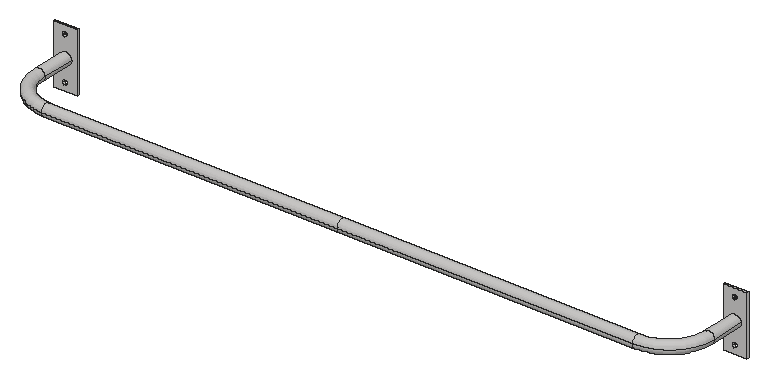
Revit family "Landscaping_Other_Axelent_Lock-Rail", category Furniture, Revit 2018
Family settings
  OmniClass Number = 23.40.10.14
  OmniClass Title = Exterior Specialties
  Work Plane-Based = No
  Always vertical = Yes
  Cut with Voids When Loaded = No
  Shared = No
  Room Calculation Point = No
Parameters (values of type "Bike-Up Lock rail")
  WarrantyStartDate [instance] = "n/a"
  WarrantyGuarantorParts = "n/a"
  WarrantyGuarantorLabor = "n/a"
  WarrantyDurationUnit = "Years"
  WarrantyDurationParts = "n/a"
  WarrantyDurationLabor = "n/a"
  WarrantyDescription = "n/a"
  VersionDate = "28/03/2022"  # constant formula
  Version = "1"  # constant formula
  Uniclass2015Reference = "Pr_40_30_21"
  Uniclass2015Description = "Cycle stands and lockers"
  Uniclass2 = "Pr_40_30_20"
  URL = "https://www.axelent.com/products/property/bike-racks/other-racks/bike-up-lock-rail/"
  Type Comments = ""
  TagNumber [instance] = "n/a"
  SustainabilityPerformance = "n/a"
  Style = "n/a"
  Size = "1760x150x204 mm"
  Shape = "Sculptured"
  SerialNumber [instance] = "n/a"
  Revision = "n/a"
  ReplacementCost = "n/a"
  ProductInformation = "With this wall mounted rail a stroller can be locked and safely stored in any place. The rail is hot-dip galvanized and an appreciated detail in storage spaces."
  ProductDatasheet = "https://www.axelent.com/media/ikdfkeqm/buggy_rail-sheet1.pdf"
  NominalLength = 1760 mm
  NominalHeight = 204.037 mm
  NominalDepth = 150 mm
  Name = "Lock-Rail"
  NBSReference = "45-35-86/311"
  NBSDescription = "Aluminium cycle lockers"
  ModelReference = "n/a"
  ModelNumber = "100200"
  Material = "Steel"
  ManufacturerURL = "https://www.axelent.com/home/"
  ManufacturerName = "Axelent"
  Model = "Bike-Up Lock rail"
  Manufacturer = "Axelent"
  MainColor = "Galvanized"
  InstallationDate [instance] = "n/a"
  IfcExportType = "BOLLARD"  # constant formula
  IfcExportAs = "IfcFurnishingElementType"  # constant formula
  Grade = "n/a"
  Finish = "n/a"
  Features = "n/a"
  ExpectedLife = "Years"
  DurationUnit = "n/a"
  Description = "With this wall mounted rail a stroller can be locked and safely stored in any place. The rail is hot-dip galvanized and an appreciated detail in storage spaces."
  CycleBollardMainMaterial = Steel, Galvanized
  Cost = 0
  Constituents = "n/a"
  Color = MainColor  # "Galvanized"
  CodePerformance = "n/a"
  Barcode [instance] = "n/a"
  AssetIdentifier [instance] = "n/a"
  Category = "Cycle lockers"
  Brand = "Axelent"
  BIMObjectName = "Landscaping_Other_Axelent_Lock-Rail"
  Author = "BIMstone"  # constant formula
  AssetType = "Fixed"
  AccessibilityPerformance = "n/a"
Reference planes
  plane 1 "Center (Front/Back)": y = 0
  plane 2: z = 0
  plane 3 "Center (Left/Right)": x = 0
  plane 4: x = -880
  plane 5: x = 880
  plane 6: y = -102.019
  plane 7: z = 150
  plane 8: y = 102.019
Dimensions and locks
  equal spacing: plane 4, plane 3 "Center (Left/Right)", plane 5
  "NominalLength": plane 4 to plane 5
  "NominalDepth": plane 7 to level
  equal spacing: plane 8, plane 1 "Center (Front/Back)", plane 6
  "NominalHeight": plane 6 to plane 8
  aligned and locked: level to plane 2
Nested families
  nested 1: "Lock Rail" at (0, 102.019, 75) x (-1, 0, 0) z (0, -1, 0), main material <- "CycleBollardMainMaterial", type "Lock Rail"
    with main material Steel, Galvanized
Definition of nested family "Lock Rail"
  Parameters (values of type "Lock Rail")
    main material [instance] = none
    Default Elevation = 1219.2 mm
  Reference planes
    plane 1 "Center (Front/Back)": y = 0
    plane 2: z = 0
    plane 3 "Center (Left/Right)": x = 0
    plane 4: x = -880
    plane 5: y = 75
    plane 6: y = -75
    plane 7: x = 880
    plane 8: z = 204.037
  Forms (mm)
    Extrusion 1, solid, material <- "main material", detail levels medium+fine
      sketch origin (0, 0, 0) x (1, 0, 0) y (0, 1, 0)
        loop
          line (-820, 75) -> (-880, 75) -> (-880, -75) -> (-820, -75) -> (-820, 75)
        loop
          circle (-850.034, 54.974) r 6.5
        loop
          circle (-850.034, -54.974) r 6.5
        loop
          line (820, 75) -> (820, -75) -> (880, -75) -> (880, 75) -> (820, 75)
        loop
          circle (850.034, 54.974) r 6.5
        loop
          circle (850.034, -54.974) r 6.5
      from 0 to 4
    Sweep 2, solid, material <- "main material", detail levels medium+fine
      path in 3D
        loop
          line (850, 0, 4) -> (850, 0, 89.037)
          arc (850, 0, 89.037) -> (820.711, 0, 159.748) -> (750, 0, 189.037) r 100
          line (750, 0, 189.037) -> (0, 0, 189.037) -> (-750, 0, 189.037)
          arc (-750, 0, 189.037) -> (-820.711, 0, 159.748) -> (-850, 0, 89.037) r 100
          line (-850, 0, 89.037) -> (-850, 0, 4)
      profile origin (-850, 0, 46.519) x (-1, 0, 0) y (0, -1, 0)
        loop
          circle (0, 0) r 15
    Extrusion 3, solid, material <- "main material", detail levels coarse
      sketch origin (0, 0, 0) x (0, 1, 0) y (0, 0, 1)
        loop
          line (-75, 204.037) -> (-75, 0) -> (75, 0) -> (75, 204.037) -> (-75, 204.037)
      from -880 to 880
  Lines and regions (mm)
    sketch lines
      curve 1: line (-850, 0, 89.037) -> (-850, 0, 4)
      curve 2: arc (-850, 0, 89.037) -> (-820.711, 0, 159.748) -> (-750, 0, 189.037) r 100
      curve 3: line (0, 0, 189.037) -> (-750, 0, 189.037)
      curve 4: line (750, 0, 189.037) -> (0, 0, 189.037)
      curve 5: arc (750, 0, 189.037) -> (820.711, 0, 159.748) -> (850, 0, 89.037) r 100
      curve 6: line (850, 0, 4) -> (850, 0, 89.037)
    symbolic lines, detail levels medium+fine
      curve 7: line (-880, 75, 0) -> (-820, 75, 0)
      curve 8: line (-820, 75, 0) -> (-820, 15, 0)
      curve 11: line (-820, 15, 0) -> (0, 15, 0)
      curve 14: line (-880, 75, 0) -> (-880, 0, 0)
      curve 15: line (880, 75, 0) -> (820, 75, 0)
      curve 16: line (820, 75, 0) -> (820, 15, 0)
      curve 19: line (820, 15, 0) -> (0, 15, 0)
      curve 22: line (880, 75, 0) -> (880, 0, 0)
      curve 23: line (-880, -75, 0) -> (-820, -75, 0)
      curve 24: line (-820, -75, 0) -> (-820, -15, 0)
      curve 27: line (-820, -15, 0) -> (0, -15, 0)
      curve 30: line (-880, -75, 0) -> (-880, 0, 0)
      curve 31: line (880, -75, 0) -> (820, -75, 0)
      curve 32: line (820, -75, 0) -> (820, -15, 0)
      curve 35: line (820, -15, 0) -> (0, -15, 0)
      curve 38: line (880, -75, 0) -> (880, 0, 0)
      curve 39: line (0, 0, 204.037) -> (-750, 0, 204.037)
      curve 40: line (-820, 0, 4) -> (-835, 0, 4)
      curve 42: line (-865, 0, 4) -> (-880, 0, 4)
      curve 43: line (-880, 0, 4) -> (-880, 0, 0)
      curve 44: line (-880, 0, 0) -> (-820, 0, 0)
      curve 45: line (-820, 0, 0) -> (-820, 0, 4)
      curve 46: line (-865, 0, 4) -> (-865, 0, 89.037)
      curve 47: arc (-750, 0, 204.037) -> (-831.317, 0, 170.355) -> (-865, 0, 89.037) r 115
      curve 48: line (0, 0, 174.037) -> (-750, 0, 174.037)
      curve 49: arc (-750, 0, 174.037) -> (-810.104, 0, 149.142) -> (-835, 0, 89.037) r 85
      curve 50: line (-835, 0, 4) -> (-835, 0, 89.037)
      curve 51: line (0, 0, 204.037) -> (750, 0, 204.037)
      curve 52: line (820, 0, 4) -> (835, 0, 4)
      curve 54: line (865, 0, 4) -> (880, 0, 4)
      curve 55: line (880, 0, 4) -> (880, 0, 0)
      curve 56: line (880, 0, 0) -> (820, 0, 0)
      curve 57: line (820, 0, 0) -> (820, 0, 4)
      curve 58: line (865, 0, 4) -> (865, 0, 89.037)
      curve 59: arc (750, 0, 204.037) -> (831.317, 0, 170.355) -> (865, 0, 89.037) r 115
      curve 60: line (0, 0, 174.037) -> (750, 0, 174.037)
      curve 61: arc (750, 0, 174.037) -> (810.104, 0, 149.142) -> (835, 0, 89.037) r 85
      curve 62: line (835, 0, 4) -> (835, 0, 89.037)
      curve 63: line (0, 0, 0) -> (0, 75, 0)
      curve 64: line (0, 75, 0) -> (0, 75, 4)
      curve 65: line (0, 75, 4) -> (0, 15, 4)
      curve 67: line (0, 15, 4) -> (0, 15, 189)
      curve 68: arc (0, 15, 189) -> (0, 10.607, 199.607) -> (0, 0, 204) r 15
      curve 69: line (0, 0, 0) -> (0, -75, 0)
      curve 70: line (0, -75, 0) -> (0, -75, 4)
      curve 71: line (0, -75, 4) -> (0, -15, 4)
      curve 73: line (0, -15, 4) -> (0, -15, 189)
      curve 74: arc (0, -15, 189) -> (0, -10.607, 199.607) -> (0, 0, 204) r 15
    symbolic lines, detail levels fine
      curve 9: line (-820, 15, 0) -> (-850, 15, 0)
      curve 10: arc (-850, 15, 0) -> (-860.607, 10.607, 0) -> (-865, 0, 0) r 15
      curve 12: arc (-856.534, 54.974, 0) -> (-850.034, 61.474, 0) -> (-843.534, 54.974, 0) r 6.5
      curve 13: arc (-843.534, 54.974, 0) -> (-850.034, 48.474, 0) -> (-856.534, 54.974, 0) r 6.5
      curve 17: line (820, 15, 0) -> (850, 15, 0)
      curve 18: arc (850, 15, 0) -> (860.607, 10.607, 0) -> (865, 0, 0) r 15
      curve 20: arc (856.534, 54.974, 0) -> (850.034, 61.474, 0) -> (843.534, 54.974, 0) r 6.5
      curve 21: arc (843.534, 54.974, 0) -> (850.034, 48.474, 0) -> (856.534, 54.974, 0) r 6.5
      curve 25: line (-820, -15, 0) -> (-850, -15, 0)
      curve 26: arc (-850, -15, 0) -> (-860.607, -10.607, 0) -> (-865, 0, 0) r 15
      curve 28: arc (-856.534, -54.974, 0) -> (-850.034, -61.474, 0) -> (-843.534, -54.974, 0) r 6.5
      curve 29: arc (-843.534, -54.974, 0) -> (-850.034, -48.474, 0) -> (-856.534, -54.974, 0) r 6.5
      curve 33: line (820, -15, 0) -> (850, -15, 0)
      curve 34: arc (850, -15, 0) -> (860.607, -10.607, 0) -> (865, 0, 0) r 15
      curve 36: arc (856.534, -54.974, 0) -> (850.034, -61.474, 0) -> (843.534, -54.974, 0) r 6.5
      curve 37: arc (843.534, -54.974, 0) -> (850.034, -48.474, 0) -> (856.534, -54.974, 0) r 6.5
      curve 41: line (-835, 0, 4) -> (-865, 0, 4)
      curve 53: line (835, 0, 4) -> (865, 0, 4)
      curve 66: line (0, 15, 4) -> (0, 0, 4)
      curve 72: line (0, -15, 4) -> (0, 0, 4)
  Dimensions and locks
    aligned and locked: level to plane 2
